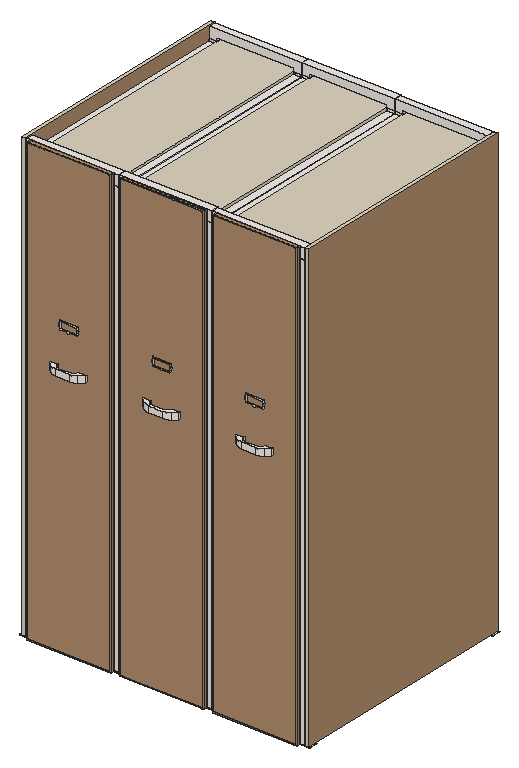
Revit family "MusicLibrarySystem_Wenger_6-Shelf_System", category Furniture, Revit 2015
Parameters (values of type "UltraStor")
  VizCompForRO [instance] = Unit Width + (0' 3" / Total Units)  # 1' - 5"
  URL = "https://www.wengercorp.com/"
  Type Comments = "6 Shelf Standard <COUNT> Units"
  Total Units [instance] = 3
  Test Data = ""
  Specification = "http://www.arcat.com/sdspecs/htm04/12_35_83wen.htm"
  Show Open [instance] = no
  Shelf Finish = Wenger Oyster (Use Oyster Edge Band Only)
  Shelf Depth = 2' - 10 1/2"
  Sales Information = "https://www.wengercorp.com/contact-us.php"
  Revision = "R1_2018-04"
  Product Data = "http://www.arcat.com/arcatcos/cos36/arc36487.html"
  Overall Width [instance] = (Unit Width * Total Units) + 0' 3"  # 4' - 3"
  Model = "6 Shelf Standard"
  Manufacturer Website = "https://www.wengercorp.com/"
  Manufacturer Phone - Toll Free = "800-4WENGER"
  Manufacturer Phone = "(507) 455-4100"
  Manufacturer Fax = "(507) 455-4258"
  Manufacturer Address = "555 Park Dr., Owatonna, MN 55060"
  Manufacturer = "Wenger Corporation"
  Keynote = "12 35 83"
  Height = 6' - 9 1/2"
  Green Building-LEED = "http://www.arcat.com/green/clients/leed_data_36487.html"
  Panel Thickness = 0' - 0 3/4"
  Panel RH [instance] = yes
  Panel LH [instance] = yes
  Panel Finish [instance] = Wenger Cherry (Use Cherry Edge Band Only)
  Open Position [instance] = if((Show Open), 6' 7 1/4", Depth)  # 3' - 7 1/4"
  Height to Bottom Shelf = 0' - 8"
  Tubular Frame Width = 0' - 1 1/2"
  Unit Width = 1' - 4"
  Hardware Finish = Metal - White Powdercoat
  Frame Finish = Metal - White Powdercoat
  Floor Offset = 0' - 0 1/8"
  Edge Banding Finish = Wenger Oyster (Use Oyster Edge Band Only)
  Drawn By = "Sumex Design, Inc. / Robert S. Weygant, CSI, CDT, SCIP"
  Description = "Wenger 6 Shelf Standard Music Library System"
  Depth = 3' - 7 1/4"
  Cost = 0
  Copyright = "© 2018 Arcat Inc."
  Construction Details = "http://www.arcat.com/details/wengerco/wengerco.html?coid=36487"
  Assembly Code = "E2010200"
Types (2): name
  Oversized
  UltraStor
Reference planes (in)
  plane 1 "Back": y = 5.3893222
  plane 2: z = 0
  plane 3 "Center (Left/Right)": x = -13.8000945
  plane 4 "Top": z = 81.625
  plane 5 "BO Frame": z = 0.125
  plane 6: x = -39.3000945
  plane 7: x = 11.6999054
  plane 8: y = -37.8606778
  plane 9: x = -22.3000945
  plane 10: x = 12.4499054
  plane 11: x = -40.0500945
Forms (in)
  Extrusion 1, solid, material "Wenger Cherry (Use Cherry Edge Band Only)" <- "Panel Finish", visible <- "Panel LH"
    sketch origin (0, 0, 0.125) x (-1, 0, 0) y (0, -1, 0)
      loop
        line (40.0500945, -5.3893222) -> (40.0500945, 37.8606778) -> (39.3000945, 37.8606778) -> (39.3000945, -5.3893222) -> (40.0500945, -5.3893222)
    from 0 to 81.5
  Extrusion 2, solid, material "Wenger Cherry (Use Cherry Edge Band Only)" <- "Panel Finish", visible <- "Panel RH"
    sketch origin (0, 0, 0.125) x (-1, 0, 0) y (0, -1, 0)
      loop
        line (-11.6999055, -5.3893222) -> (-11.6999055, 37.8606778) -> (-12.4499055, 37.8606778) -> (-12.4499055, -5.3893222) -> (-11.6999055, -5.3893222)
    from 0 to 81.5
Lines and regions (in)
  Masking region 1
    outline origin (0, 0, 81.625) x (0, -1, 0) y (1, 0, 0)
      loop
        line (-5.3893222, -39.3000945) -> (37.8606778, -39.3000945) -> (37.8606778, 11.6999055) -> (-5.3893222, 11.6999055) -> (-5.3893222, -39.3000945)
  Masking region 2, visible <- "Panel LH"
    outline origin (0, 0, 0.125) x (-1, 0, 0) y (0, -1, 0)
      loop
        line (40.0500945, -5.3893222) -> (40.0500945, 37.8606778) -> (39.3000945, 37.8606778) -> (39.3000945, -5.3893222) -> (40.0500945, -5.3893222)
  Masking region 3, visible <- "Panel RH"
    outline origin (0, 0, 0.125) x (-1, 0, 0) y (0, -1, 0)
      loop
        line (-11.6999055, -5.3893222) -> (-11.6999055, 37.8606778) -> (-12.4499055, 37.8606778) -> (-12.4499055, -5.3893222) -> (-11.6999055, -5.3893222)
Dimensions and locks (in)
  "Floor Offset": plane 5 "BO Frame" to level
  "Height": plane 4 "Top" to plane 5 "BO Frame"
  "Depth": plane 1 "Back" to plane 8
  "Overall Width": plane 6 to plane 7
  "VizCompForRO": plane 6 to plane 9
  equal spacing: group 1, group 2, group 3  (x3)
  "Panel Thickness": plane 11 to plane 6
  "Panel Thickness": plane 7 to plane 10
  equal spacing: plane 6, plane 3 "Center (Left/Right)", plane 7
  "Depth": Masking region 1 sketch curve to plane 1 "Back"
  equal spacing: plane 8, nested 4, plane 1 "Back"
  aligned and locked: plane 2 to level
  aligned and locked: nested 1 to plane 1 "Back"
  aligned and locked: level to nested 1
  aligned and locked: level to nested 2
  aligned and locked: nested 2 to plane 1 "Back"
  aligned and locked: Extrusion 1 sketch curve to plane 6
  aligned and locked: plane 8 to Extrusion 1 sketch curve
  aligned and locked: plane 1 "Back" to Extrusion 1 sketch curve
  aligned and locked: plane 11 to Extrusion 1 sketch curve
  aligned and locked: plane 4 "Top" to Extrusion 1
  aligned and locked: Extrusion 1 to plane 5 "BO Frame"
  aligned and locked: plane 8 to Extrusion 2 sketch curve
  aligned and locked: plane 7 to Extrusion 2 sketch curve
  aligned and locked: plane 1 "Back" to Extrusion 2 sketch curve
  aligned and locked: Extrusion 2 sketch curve to plane 10
  aligned and locked: Extrusion 2 to plane 5 "BO Frame"
  aligned and locked: plane 4 "Top" to Extrusion 2
  aligned and locked: plane 1 "Back" to Masking region 1 sketch curve
  aligned and locked: Masking region 1 sketch curve to plane 7
  aligned and locked: plane 6 to Masking region 1 sketch curve
  aligned and locked: plane 11 to Masking region 2 sketch curve
  aligned and locked: plane 8 to Masking region 2 sketch curve
  aligned and locked: plane 1 "Back" to Masking region 2 sketch curve
  aligned and locked: Masking region 2 sketch curve to plane 6
  aligned and locked: plane 7 to Masking region 3 sketch curve
  aligned and locked: plane 1 "Back" to Masking region 3 sketch curve
  aligned and locked: plane 8 to Masking region 3 sketch curve
  aligned and locked: Masking region 3 sketch curve to plane 10
  aligned and locked: plane 3 "Center (Left/Right)" to nested 4
  aligned and locked: plane 6 to nested 1
  aligned and locked: plane 9 to nested 2
Nested families (in)
  nested 1: "MusicLibrarySystem_Wenger_6-Shelf_Component" at (-30.8000945, -16.3606778, 0), Panel Finish <- "Panel Finish", Show Open <- "Show Open", type "MusicLibrarySystem_Wenger_6-Shelf_Component"
    with Show Open no, Panel Finish Wenger Cherry (Use Cherry Edge Band Only), Open Position 3' - 7 1/4"
  nested 2: "MusicLibrarySystem_Wenger_6-Shelf_Component" at (-13.8000945, -16.3606778, 0), Panel Finish <- "Panel Finish", Show Open <- "Show Open", type "MusicLibrarySystem_Wenger_6-Shelf_Component"
    with Show Open no, Panel Finish Wenger Cherry (Use Cherry Edge Band Only), Open Position 3' - 7 1/4"
  nested 3: "MusicLibrarySystem_Wenger_6-Shelf_Component" at (3.1999054, -16.3606778, 0), Panel Finish <- "Panel Finish", Show Open <- "Show Open", type "MusicLibrarySystem_Wenger_6-Shelf_Component"
    with Show Open no, Panel Finish Wenger Cherry (Use Cherry Edge Band Only), Open Position 3' - 7 1/4"
  nested 4: "Labels" at (-13.8000945, -16.2356778, 0), type "Labels"
Definition of nested family "MusicLibrarySystem_Wenger_6-Shelf_Component"
  Parameters (values of type "MusicLibrarySystem_Wenger_6-Shelf_Component")
    Test Data = ""
    Specification = ""
    Show Open [instance] = yes
    Shelf Finish = none
    Shelf Depth = 2' - 10 1/2"
    Sales Information = ""
    Revision = ""
    Product Data = ""
    Manufacturer Website = ""
    Manufacturer Phone - Toll Free = ""
    Manufacturer Phone = ""
    Manufacturer Fax = ""
    Manufacturer Address = ""
    Keynote = "12 35 83"
    Installation-Fabrication = ""
    Green Building-LEED = ""
    Frame RH = yes
    Panel Thickness = 0' - 0 3/4"
    Panel RH = yes
    Panel LH = yes
    Panel Finish [instance] = none
    Open Position [instance] = if((Show Open), 6' 7 1/4", Depth)  # 6' - 7 1/4"
    Frame LH = yes
    Height to Bottom Shelf = 0' - 8"
    Height = 6' - 10"
    Tubular Frame Width = 0' - 1 1/2"
    Overall Width = 1' - 7"
    Hardware Finish = none
    Frame Finish = none
    FootViz RH = and(Floor Offset < 0' 0 1/2", Frame RH)  # yes
    FootViz LH = and(Floor Offset < 0' 0 1/2", Frame LH)  # yes
    Floor Offset = 0' - 0 1/8"
    Edge Banding Finish = none
    Drawn By = ""
    Depth = 3' - 7 1/4"
    Copyright = ""
    Construction Details = ""
    Category = ""
    Building Codes = ""
  Reference planes (in)
    plane 1 "Center (Front/Back)": y = 0.125
    plane 2: z = 0
    plane 3 "Center (Left/Right)": x = 0
    plane 4 "Frame Back": y = 21.75
    plane 5 "Frame Front": y = -21.5
    plane 6 "LEFT ECP INSIDE": x = -8
    plane 7 "LEFT ECP OUTSIDE": x = -9.5
    plane 8 "RIGHT ECP INSIDE": x = 8
    plane 9 "RIGHT ECP OUTSIDE": x = 9.5
    plane 10: z = 82.125
    plane 11: z = 56.0833333
    plane 12: z = 44.0625
    plane 13: z = 32.0416667
    plane 14: z = 20.0208333
    plane 15 "Bottom Shelf": z = 8
    plane 16: z = 68.1041667
    plane 17 "Carriage Front": y = -57.5
    plane 18 "Carriage Back": y = -23
    plane 19 "Door Front": y = -58.25
    plane 20: y = 20.25
    plane 21: y = -20
    plane 22: z = 8.75
    plane 23: z = 7.25
    plane 24: z = 80.125
    plane 25 "Handle Height": z = 46.125
    plane 26: y = -59.625
    plane 27: z = 53.125
    plane 28 "BO Frame": z = 0.125
    plane 29: x = -10.25
    plane 30: x = 10.25
    plane 31: x = -8.75
    plane 32: x = 8.75
  Forms (in)
    Extrusion 1, solid, material <- "Frame Finish", visible <- "Frame LH"
      sketch origin (0, 0, 0) x (1, 0, 0) y (0, 1, 0)
        loop
          line (-9.5, 21.75) -> (-9.5, 20.25) -> (-8, 20.25) -> (-8, 21.75) -> (-9.5, 21.75)
        loop
          line (-9.4375, 21.6875) -> (-9.4375, 20.3125) -> (-8.0625, 20.3125) -> (-8.0625, 21.6875) -> (-9.4375, 21.6875)
        loop
          line (-9.5, -20) -> (-9.5, -21.5) -> (-8, -21.5) -> (-8, -20) -> (-9.5, -20)
        loop
          line (-9.4375, -20.0625) -> (-9.4375, -21.4375) -> (-8.0625, -21.4375) -> (-8.0625, -20.0625) -> (-9.4375, -20.0625)
      from 0.125 to 80.125
    Extrusion 2, solid, material <- "Frame Finish", visible <- "Frame RH"
      sketch origin (17.5, 0, 0) x (1, 0, 0) y (0, 1, 0)
        loop
          line (-9.5, 21.75) -> (-9.5, 20.25) -> (-8, 20.25) -> (-8, 21.75) -> (-9.5, 21.75)
        loop
          line (-9.4375, 21.6875) -> (-9.4375, 20.3125) -> (-8.0625, 20.3125) -> (-8.0625, 21.6875) -> (-9.4375, 21.6875)
        loop
          line (-9.5, -20) -> (-9.5, -21.5) -> (-8, -21.5) -> (-8, -20) -> (-9.5, -20)
        loop
          line (-9.4375, -20.0625) -> (-9.4375, -21.4375) -> (-8.0625, -21.4375) -> (-8.0625, -20.0625) -> (-9.4375, -20.0625)
      from 0.125 to 80.125
    Extrusion 3, solid, material <- "Panel Finish"
      sketch origin (0, -57.5, 0) x (0, 0, 1) y (-1, 0, 0)
        loop
          line (82.125, 8.6875) -> (0.125, 8.6875) -> (0.125, -8.6875) -> (82.125, -8.6875) -> (82.125, 8.6875)
      from 0 to 0.75 <- "Panel Thickness"
    Sweep 4, void
      path in 3D
        loop
          line (-8.6875, -58.25, 0.125) -> (8.6875, -58.25, 0.125) -> (8.6875, -58.25, 82.125) -> (-8.6875, -58.25, 82.125) -> (-8.6875, -58.25, 0.125)
      profile origin (-8.6875, -58.25, 41.125) x (-1, 0, 0) y (0, -1, 0)
        loop
          line (0, 0) -> (-0.125, 0)
          arc (-0.125, 0) -> (-0.0366117, -0.0366117) -> (0, -0.125) r 0.125
          line (0, -0.125) -> (0, 0)
        loop
          line (0, -0.75) -> (0, -0.625)
          arc (0, -0.625) -> (-0.0366117, -0.7133883) -> (-0.125, -0.75) r 0.125
          line (-0.125, -0.75) -> (0, -0.75)
    Extrusion 5, solid, material <- "Frame Finish", visible <- "Frame LH"
      sketch origin (0, 0.125, 0) x (1, 0, 0) y (0, 0, 1)
        loop
          line (-9.5, 8.75) -> (-9.5, 7.25) -> (-8, 7.25) -> (-8, 8.75) -> (-9.5, 8.75)
        loop
          line (-9.5, 79.75) -> (-9.5, 78.25) -> (-8, 78.25) -> (-8, 79.75) -> (-9.5, 79.75)
      from -20.125 to 20.125
    Extrusion 6, solid, material <- "Frame Finish", visible <- "Frame RH"
      sketch origin (17.5, 0.125, 0) x (1, 0, 0) y (0, 0, 1)
        loop
          line (-9.5, 8.75) -> (-9.5, 7.25) -> (-8, 7.25) -> (-8, 8.75) -> (-9.5, 8.75)
        loop
          line (-9.5, 79.75) -> (-9.5, 78.25) -> (-8, 78.25) -> (-8, 79.75) -> (-9.5, 79.75)
      from -20.125 to 20.125
    Extrusion 7, solid, material <- "Shelf Finish", detail levels medium+fine
      sketch origin (0, -23, 0) x (0, 0, 1) y (-1, 0, 0)
        loop
          line (20.0208333, 8) -> (19.2708333, 8) -> (19.2708333, -8) -> (20.0208333, -8) -> (20.0208333, 8)
        loop
          line (32.0416667, 8) -> (31.2916667, 8) -> (31.2916667, -8) -> (32.0416667, -8) -> (32.0416667, 8)
        loop
          line (44.0625, 8) -> (43.3125, 8) -> (43.3125, -8) -> (44.0625, -8) -> (44.0625, 8)
        loop
          line (56.0833333, 8) -> (55.3333333, 8) -> (55.3333333, -8) -> (56.0833333, -8) -> (56.0833333, 8)
        loop
          line (68.1041667, 8) -> (67.3541667, 8) -> (67.3541667, -8) -> (68.1041667, -8) -> (68.1041667, 8)
      from 0 to 34.5
    Extrusion 8, solid, material <- "Shelf Finish"
      sketch origin (0, -23, 0) x (0, 0, 1) y (-1, 0, 0)
        loop
          line (80.125, 8) -> (79.375, 8) -> (79.375, -8) -> (80.125, -8) -> (80.125, 8)
        loop
          line (8, 8) -> (7.25, 8) -> (7.25, -8) -> (8, -8) -> (8, 8)
      from -8.75 to 34.5
    Extrusion 9, solid, material <- "Shelf Finish"
      sketch origin (0, 0, 8) x (0, 1, 0) y (-1, 0, 0)
        loop
          line (-23, 8) -> (-23, -8) -> (-22.25, -8) -> (-22.25, 8) -> (-23, 8)
      from 0 to 71.375
    Extrusion 10, solid, material <- "Hardware Finish", detail levels fine
      sketch origin (0, 0, 46.125) x (-1, 0, 0) y (0, -1, 0)
        loop
          line (-3.305, 58.25) -> (-1.93, 58.25) -> (-1.93, 58.5) -> (-1.5825311, 58.996237)
          arc (-1.5825311, 58.996237) -> (-1.3814917, 59.1725438) -> (-1.1217581, 59.2361002) r 0.5625
          line (-1.1217581, 59.2361002) -> (1.1224953, 59.2361002)
          arc (1.1224953, 59.2361002) -> (1.381575, 59.1727038) -> (1.5821083, 58.9968408) r 0.5610839
          line (1.5821083, 58.9968408) -> (1.93, 58.5) -> (1.93, 58.25) -> (3.305, 58.25) -> (3.305, 58.5) -> (2.4964469, 59.198928)
          arc (2.4964469, 59.198928) -> (1.9626034, 59.5150265) -> (1.3520193, 59.625) r 1.75
          line (1.3520193, 59.625) -> (-1.3520193, 59.625)
          arc (-1.3520193, 59.625) -> (-1.9626034, 59.5150265) -> (-2.4964469, 59.198928) r 1.75
          line (-2.4964469, 59.198928) -> (-3.305, 58.5) -> (-3.305, 58.25)
      from 0 to 1.125
    Extrusion 11, solid, material <- "Hardware Finish", detail levels fine
      sketch origin (0, -58.25, 0) x (0, 0, 1) y (-1, 0, 0)
        loop
          line (53.125, 1.5625) -> (53.125, 0.25)
          arc (53.125, 0.25) -> (53, 0) -> (53.125, -0.25) r 0.3125
          line (53.125, -0.25) -> (53.125, -1.5625)
          arc (53.125, -1.5625) -> (53.1433058, -1.6066942) -> (53.1875, -1.625) r 0.0625
          line (53.1875, -1.625) -> (53.625, -1.625)
          arc (53.625, -1.625) -> (53.875, -1.75) -> (54.125, -1.625) r 0.3125
          line (54.125, -1.625) -> (54.5625, -1.625)
          arc (54.5625, -1.625) -> (54.6066942, -1.6066942) -> (54.625, -1.5625) r 0.0625
          line (54.625, -1.5625) -> (54.625, 1.5625)
          arc (54.625, 1.5625) -> (54.6066942, 1.6066942) -> (54.5625, 1.625) r 0.0625
          line (54.5625, 1.625) -> (54.125, 1.625)
          arc (54.125, 1.625) -> (53.875, 1.75) -> (53.625, 1.625) r 0.3125
          line (53.625, 1.625) -> (53.1875, 1.625)
          arc (53.1875, 1.625) -> (53.1433058, 1.6066942) -> (53.125, 1.5625) r 0.0625
        loop
          line (54.5, -1.4375) -> (54.5, 1.4375)
          arc (54.5, 1.4375) -> (54.4816942, 1.4816942) -> (54.4375, 1.5) r 0.0625
          line (54.4375, 1.5) -> (53.3125, 1.5)
          arc (53.3125, 1.5) -> (53.2683058, 1.4816942) -> (53.25, 1.4375) r 0.0625
          line (53.25, 1.4375) -> (53.25, -1.4375)
          arc (53.25, -1.4375) -> (53.2683058, -1.4816942) -> (53.3125, -1.5) r 0.0625
          line (53.3125, -1.5) -> (54.4375, -1.5)
          arc (54.4375, -1.5) -> (54.4816942, -1.4816942) -> (54.5, -1.4375) r 0.0625
      from 0 to 0.125
    Extrusion 12, solid, material <- "Frame Finish", visible <- "FootViz LH", detail levels medium+fine
      sketch origin (0, 0, 0) x (1, 0, 0) y (0, 1, 0)
        loop
          line (-10.5, 21.75) -> (-10.5, 20.25) -> (-7, 20.25) -> (-7, 21.75) -> (-10.5, 21.75)
        loop
          line (-10.5, -20) -> (-10.5, -21.5) -> (-7, -21.5) -> (-7, -20) -> (-10.5, -20)
      from 0 to 0.125
    Extrusion 13, solid, material <- "Frame Finish", visible <- "FootViz RH", detail levels medium+fine
      sketch origin (17.5, 0, 0) x (1, 0, 0) y (0, 1, 0)
        loop
          line (-10.5, 21.75) -> (-10.5, 20.25) -> (-7, 20.25) -> (-7, 21.75) -> (-10.5, 21.75)
        loop
          line (-10.5, -20) -> (-10.5, -21.5) -> (-7, -21.5) -> (-7, -20) -> (-10.5, -20)
      from 0 to 0.125
    Sweep 14, solid, material <- "Frame Finish"
      path origin (0, -58.25, 0) x (0, 0, 1) y (-1, 0, 0)
        loop
          line (80.125, 9.5) -> (82.125, 9.5) -> (82.125, -9.5) -> (79.0549589, -9.5)
      profile origin (-9.5, -58.25, 81.125) x (-1, 0, 0) y (0, -1, 0)
        loop
          line (-0.0625, -38.1875) -> (-0.0625, -36.8125) -> (-1.4375, -36.8125) -> (-1.4375, -38.1875) -> (-0.0625, -38.1875)
        loop
          line (-0.0625, -78.5625) -> (-1.4375, -78.5625) -> (-1.4375, -79.9375) -> (-0.0625, -79.9375) -> (-0.0625, -78.5625)
  Cuts and joins
    Sweep 4 cuts Extrusion 3
  Lines and regions (in)
    sketch lines
      curve 1: line (-8.6875, -58.25, 82.125) -> (-8.6875, -58.25, 0.125)
      curve 2: line (8.6875, -58.25, 82.125) -> (-8.6875, -58.25, 82.125)
      curve 3: line (8.6875, -58.25, 0.125) -> (8.6875, -58.25, 82.125)
      curve 4: line (-8.6875, -58.25, 0.125) -> (8.6875, -58.25, 0.125)
  Dimensions and locks (in)
    "Tubular Frame Width": plane 7 "LEFT ECP OUTSIDE" to plane 6 "LEFT ECP INSIDE"
    "Tubular Frame Width": plane 8 "RIGHT ECP INSIDE" to plane 9 "RIGHT ECP OUTSIDE"
    equal spacing: plane 6 "LEFT ECP INSIDE", plane 3 "Center (Left/Right)", plane 8 "RIGHT ECP INSIDE"
    "Overall Width": plane 7 "LEFT ECP OUTSIDE" to plane 9 "RIGHT ECP OUTSIDE"
    equal spacing: plane 24, plane 16, plane 11, plane 12, plane 13, plane 14, plane 15 "Bottom Shelf"
    "Height to Bottom Shelf": plane 15 "Bottom Shelf" to plane 2
    "Depth": plane 4 "Frame Back" to plane 5 "Frame Front"
    "Shelf Depth": plane 18 "Carriage Back" to plane 17 "Carriage Front"
    "Open Position": plane 4 "Frame Back" to plane 17 "Carriage Front"
    "Panel Thickness": plane 17 "Carriage Front" to plane 19 "Door Front"
    "Tubular Frame Width": plane 4 "Frame Back" to plane 20
    "Tubular Frame Width": plane 21 to plane 5 "Frame Front"
    equal spacing: plane 4 "Frame Back", plane 1 "Center (Front/Back)", plane 5 "Frame Front"
    "Tubular Frame Width": plane 22 to plane 23
    equal spacing: plane 22, plane 15 "Bottom Shelf", plane 23
    "Tubular Frame Width": Extrusion 5 sketch curve to Extrusion 5 sketch curve
    "Tubular Frame Width": Extrusion 6 sketch curve to Extrusion 6 sketch curve
    "Panel Thickness": plane 14 to Extrusion 7 sketch curve
    "Panel Thickness": plane 13 to Extrusion 7 sketch curve
    "Panel Thickness": plane 12 to Extrusion 7 sketch curve
    "Panel Thickness": plane 11 to Extrusion 7 sketch curve
    "Panel Thickness": plane 16 to Extrusion 7 sketch curve
    plane 10 to plane 24 = 0' - 2"
    locked: plane 24 to Extrusion 5 sketch curve at 0.375
    locked: plane 24 to Extrusion 6 sketch curve at 0.375
    "Panel Thickness": plane 24 to Extrusion 8 sketch curve
    "Depth": Extrusion 8 to plane 17 "Carriage Front"
    "Panel Thickness": plane 15 "Bottom Shelf" to Extrusion 8 sketch curve
    "Panel Thickness": plane 18 "Carriage Back" to Extrusion 9 sketch curve
    "Panel Thickness": plane 24 to Extrusion 9
    plane 25 "Handle Height" to plane 28 "BO Frame" = 3' - 10"
    plane 26 to plane 19 "Door Front" = 0' - 1 3/8"
    locked: Extrusion 10 to plane 25 "Handle Height" at 1.125
    locked: plane 27 to plane 25 "Handle Height" at 7
    Extrusion 10 sketch curve to Extrusion 10 sketch curve to plane 3 "Center (Left/Right)" to Extrusion 10 sketch curve to Extrusion 10 sketch curve = 0' - 1 3/8" locked, 0' - 1.93" locked, 0' - 1.93" locked, 0' - 1 3/8" locked
    locked: Extrusion 10 sketch curve to Extrusion 10 sketch curve at 0.3888998
    "Floor Offset": plane 28 "BO Frame" to level
    "Height": plane 10 to plane 28 "BO Frame"
    locked: plane 6 "LEFT ECP INSIDE" to Extrusion 12 sketch curve at 1  (x2)
    locked: Extrusion 12 sketch curve to plane 7 "LEFT ECP OUTSIDE" at 1  (x2)
    "Panel Thickness": plane 29 to plane 7 "LEFT ECP OUTSIDE"
    "Panel Thickness": plane 9 "RIGHT ECP OUTSIDE" to plane 30
    equal spacing: plane 7 "LEFT ECP OUTSIDE", plane 31, plane 6 "LEFT ECP INSIDE"
    equal spacing: plane 8 "RIGHT ECP INSIDE", plane 32, plane 9 "RIGHT ECP OUTSIDE"
    locked: plane 9 "RIGHT ECP OUTSIDE" to Extrusion 3 sketch curve at 0.8125
    locked: Extrusion 3 sketch curve to plane 7 "LEFT ECP OUTSIDE" at 0.8125
    aligned and locked: plane 2 to level
    aligned and locked: plane 7 "LEFT ECP OUTSIDE" to Extrusion 1 sketch curve  (x2)
    aligned and locked: Extrusion 1 sketch curve to plane 6 "LEFT ECP INSIDE"  (x2)
    aligned and locked: Extrusion 1 sketch curve to plane 4 "Frame Back"
    aligned and locked: plane 20 to Extrusion 1 sketch curve
    aligned and locked: Extrusion 1 sketch curve to plane 21
    aligned and locked: plane 5 "Frame Front" to Extrusion 1 sketch curve
    aligned and locked: Extrusion 2 sketch curve to plane 4 "Frame Back"
    aligned and locked: Extrusion 2 sketch curve to plane 9 "RIGHT ECP OUTSIDE"  (x2)
    aligned and locked: plane 20 to Extrusion 2 sketch curve
    aligned and locked: plane 8 "RIGHT ECP INSIDE" to Extrusion 2 sketch curve  (x2)
    aligned and locked: Extrusion 2 sketch curve to plane 21
    aligned and locked: plane 5 "Frame Front" to Extrusion 2 sketch curve
    aligned and locked: Extrusion 3 sketch curve to plane 10
    aligned and locked: Extrusion 5 sketch curve to plane 22
    aligned and locked: plane 23 to Extrusion 5 sketch curve
    aligned and locked: Extrusion 5 to plane 21
    aligned and locked: plane 20 to Extrusion 5
    aligned and locked: plane 8 "RIGHT ECP INSIDE" to Extrusion 6 sketch curve  (x2)
    aligned and locked: Extrusion 6 sketch curve to plane 9 "RIGHT ECP OUTSIDE"  (x2)
    aligned and locked: Extrusion 6 sketch curve to plane 22
    aligned and locked: plane 23 to Extrusion 6 sketch curve
    aligned and locked: plane 20 to Extrusion 6
    aligned and locked: Extrusion 6 to plane 21
    aligned and locked: Extrusion 7 sketch curve to plane 16
    aligned and locked: Extrusion 7 sketch curve to plane 11
    aligned and locked: Extrusion 7 sketch curve to plane 12
    aligned and locked: Extrusion 7 sketch curve to plane 13
    aligned and locked: Extrusion 7 sketch curve to plane 14
    aligned and locked: plane 6 "LEFT ECP INSIDE" to Extrusion 7 sketch curve  (x5)
    aligned and locked: Extrusion 7 sketch curve to plane 8 "RIGHT ECP INSIDE"  (x5)
    aligned and locked: plane 17 "Carriage Front" to Extrusion 7
    aligned and locked: plane 24 to Extrusion 2
    aligned and locked: plane 24 to Extrusion 1
    aligned and locked: Extrusion 8 sketch curve to plane 24
    aligned and locked: plane 6 "LEFT ECP INSIDE" to Extrusion 8 sketch curve  (x2)
    aligned and locked: Extrusion 8 sketch curve to plane 8 "RIGHT ECP INSIDE"  (x2)
    aligned and locked: plane 17 "Carriage Front" to Extrusion 8
    aligned and locked: Extrusion 8 sketch curve to plane 15 "Bottom Shelf"
    aligned and locked: Extrusion 9 sketch curve to plane 6 "LEFT ECP INSIDE"
    aligned and locked: plane 8 "RIGHT ECP INSIDE" to Extrusion 9 sketch curve
    aligned and locked: plane 18 "Carriage Back" to Extrusion 9 sketch curve
    aligned and locked: Extrusion 10 sketch curve to plane 19 "Door Front"
    aligned and locked: plane 19 "Door Front" to Extrusion 10 sketch curve
    aligned and locked: Extrusion 10 sketch curve to plane 26
    aligned and locked: plane 28 "BO Frame" to Extrusion 3 sketch curve
    aligned and locked: Extrusion 1 to plane 28 "BO Frame"
    aligned and locked: Extrusion 2 to Extrusion 1
    aligned and locked: plane 20 to Extrusion 12 sketch curve
    aligned and locked: Extrusion 12 sketch curve to plane 4 "Frame Back"
    aligned and locked: Extrusion 12 sketch curve to plane 21
    aligned and locked: plane 5 "Frame Front" to Extrusion 12 sketch curve
    aligned and locked: Extrusion 12 to level
    aligned and locked: plane 28 "BO Frame" to Extrusion 12
    aligned and locked: plane 28 "BO Frame" to Extrusion 13
    aligned and locked: Extrusion 13 to level
    aligned and locked: Sweep 14 sketch curve to plane 9 "RIGHT ECP OUTSIDE"
    aligned and locked: Sweep 14 sketch curve to plane 10
    aligned and locked: plane 7 "LEFT ECP OUTSIDE" to Sweep 14 sketch curve
    aligned and locked: Sweep 14 sketch curve to Extrusion 1  (x8)
    aligned and locked: Extrusion 5 sketch curve to plane 6 "LEFT ECP INSIDE"
    aligned and locked: plane 7 "LEFT ECP OUTSIDE" to Extrusion 5 sketch curve
  Automatic sketch dimensions
    plane 7 "LEFT ECP OUTSIDE" to Extrusion 1 sketch curve = 0' - 0 1/16"  (x2)
    Extrusion 1 sketch curve to plane 6 "LEFT ECP INSIDE" = 0' - 0 1/16"  (x2)
    plane 5 "Frame Front" to Extrusion 1 sketch curve = 0' - 0 1/16"
    Extrusion 1 sketch curve to plane 21 = 0' - 0 1/16"
    plane 20 to Extrusion 1 sketch curve = 0' - 0 1/16"
    Extrusion 1 sketch curve to plane 4 "Frame Back" = 0' - 0 1/16"
    plane 8 "RIGHT ECP INSIDE" to Extrusion 2 sketch curve = 0' - 0 1/16"  (x2)
    Extrusion 2 sketch curve to plane 9 "RIGHT ECP OUTSIDE" = 0' - 0 1/16"  (x2)
    plane 5 "Frame Front" to Extrusion 2 sketch curve = 0' - 0 1/16"
    Extrusion 2 sketch curve to plane 21 = 0' - 0 1/16"
    plane 20 to Extrusion 2 sketch curve = 0' - 0 1/16"
    Extrusion 2 sketch curve to plane 4 "Frame Back" = 0' - 0 1/16"
    Sweep 4 sketch curve to profile plane = 0' - 0"  (x3)
    Sweep 4 sketch curve to Sweep 4 sketch curve = 0' - 0 1/8"
    profile plane to Sweep 4 sketch curve = 0' - 0 1/8"
    Sweep 4 sketch curve to Sweep 4 sketch curve = 0' - 0 1/2"
    Extrusion 5 sketch curve to plane 7 "LEFT ECP OUTSIDE" = 0' - 0"
    Extrusion 5 sketch curve to plane 6 "LEFT ECP INSIDE" = 0' - 0"
    plane 26 to Extrusion 10 sketch curve = 0' - 0.42607"  (x2)
    Extrusion 10 sketch curve to Extrusion 10 sketch curve = 0' - 0.56645"  (x2)
    plane 26 to Extrusion 10 sketch curve = 0' - 0.62876"
    Extrusion 10 sketch curve to Extrusion 10 sketch curve = 0' - 0.34747"
    plane 17 "Carriage Front" to Extrusion 10 sketch curve = 0' - 0 3/8"
    plane 19 "Door Front" to Extrusion 10 sketch curve = 0' - 0.4236"
    Extrusion 10 sketch curve to Extrusion 10 sketch curve = 0' - 0.8075"
    Extrusion 10 sketch curve to Extrusion 10 sketch curve = 0' - 0.22952"
    plane 26 to Extrusion 10 sketch curve = 0' - 0.62816"
    Extrusion 10 sketch curve to Extrusion 10 sketch curve = 0' - 0.45961"
    plane 19 "Door Front" to Extrusion 10 sketch curve = 0' - 0 1/4"  (x4)
    Extrusion 11 sketch curve to plane 27 = 0' - 0"  (x2)
    Extrusion 11 sketch curve to plane 3 "Center (Left/Right)" = 0' - 0"
    Extrusion 11 sketch curve to Extrusion 11 sketch curve = 0' - 0 1/16"  (x7)
    plane 27 to Extrusion 11 sketch curve = 0' - 0 1/8"
    plane 27 to Extrusion 11 sketch curve = 0' - 0 3/16"
    Extrusion 11 sketch curve to Extrusion 11 sketch curve = 0' - 0 5/16"  (x4)
    Extrusion 11 sketch curve to Extrusion 11 sketch curve = 0' - 0 1/4"  (x4)
    Extrusion 11 sketch curve to Extrusion 11 sketch curve = 0' - 0 1/8"  (x3)
    plane 3 "Center (Left/Right)" to Extrusion 11 sketch curve = 0' - 0 1/4"
    Extrusion 11 sketch curve to Extrusion 11 sketch curve = 0' - 1 3/16"
    Extrusion 11 sketch curve to Extrusion 11 sketch curve = 0' - 0"  (x2)
    Extrusion 11 sketch curve to plane 3 "Center (Left/Right)" = 0' - 1 7/16"
    Extrusion 13 sketch curve to plane 4 "Frame Back" = 0' - 0"
    Extrusion 13 sketch curve to plane 5 "Frame Front" = 0' - 0"
    Extrusion 13 sketch curve to plane 20 = 0' - 0"
    Extrusion 13 sketch curve to plane 21 = 0' - 0"
    Extrusion 13 sketch curve to plane 8 "RIGHT ECP INSIDE" = 0' - 1"  (x2)
    plane 9 "RIGHT ECP OUTSIDE" to Extrusion 13 sketch curve = 0' - 1"  (x2)
    Sweep 14 sketch curve to plane 24 = 0' - 0"
    Sweep 14 sketch curve to plane 24 = 0' - 1.07004"
Definition of nested family "Labels"
  Parameters (values of type "Labels")
    Cabinet Label = "#53N"
  Reference planes (in)
    plane 1: y = 0
    plane 2: x = 0
  Text (in)
    label "xxxx" at (-0.0001827, 0.007539, 0), shows "Cabinet Label"
